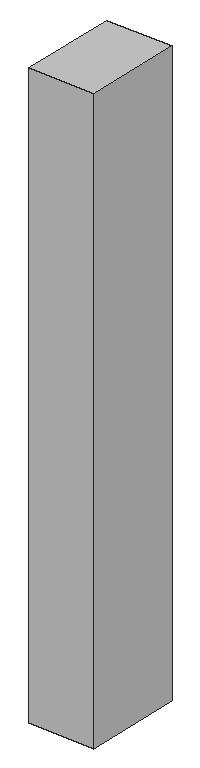
Revit family
Parameters (values of type "12 x 18")
  Column Material [instance] = Concrete - Cast-in-Place Concrete
  Assembly Code = "B10"
  b = 1' - 0"
  h = 1' - 6"
Types (4): name | b | h
  (no name) | 1' - 0" | 1' - 6"
  12 x 18 | 1' - 0" | 1' - 6"
  18 x 24 | 1' - 6" | 2' - 0"
  24 x 30 | 2' - 0" | 2' - 6"
Reference planes (in)
  plane 1 "Center (Front/Back)": y = 0
  plane 2: z = 0
  plane 3 "Center (Left/Right)": x = 0
  plane 4: x = -6
  plane 5: x = 6
  plane 6: y = 9
  plane 7: y = -9
Forms (in)
  Extrusion 1, solid, material "Concrete - Cast-in-Place Concrete" <- "Column Material"
    sketch origin (0, 0, 0) x (1, 0, 0) y (0, 1, 0)
      loop
        line (-6, 9) -> (-6, -9) -> (6, -9) -> (6, 9) -> (-6, 9)
    from 0 to 108
Dimensions and locks (in)
  equal spacing: plane 4, plane 3 "Center (Left/Right)", plane 5
  equal spacing: plane 7, plane 1 "Center (Front/Back)", plane 6
  "h": plane 7 to plane 6
  "b": plane 4 to plane 5
  aligned and locked: plane 6 to Extrusion 1 sketch curve
  aligned and locked: Extrusion 1 sketch curve to plane 7
  aligned and locked: Extrusion 1 sketch curve to plane 4
  aligned and locked: plane 5 to Extrusion 1 sketch curve
  aligned and locked: level to Extrusion 1
  aligned and locked: level to plane 2
  aligned and locked: Extrusion 1 to plane 2
